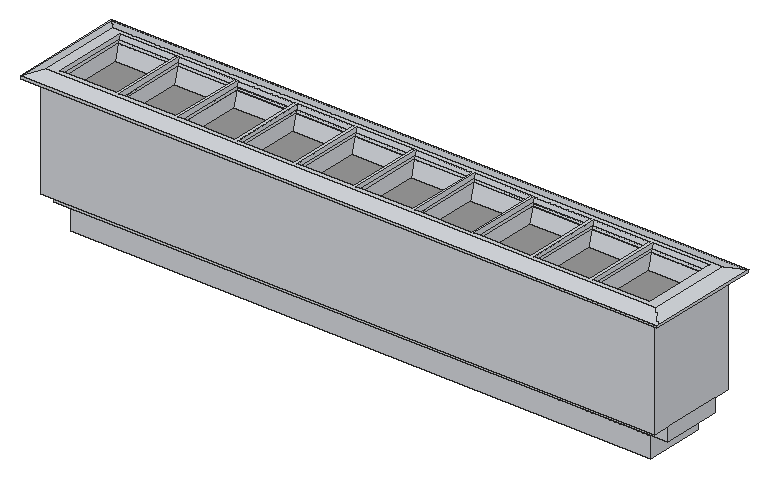
Revit family "2061473 Sylvania Lighting Fixture DOMINO 10xLED 940 BLACK MB TRIM WHITE DALI", category Lighting Fixtures, host Face, Revit 2018
Family settings
  Host = Face
  Round Connector Dimension = Use Diameter
  Part Type = Normal
  OmniClass Number = 23.80.70.00
  OmniClass Title = Lighting
  Cut with Voids When Loaded = No
  Light Source = Yes
  Shared = No
  Room Calculation Point = No
Parameters (values of type "2061473 DOMINO 10XLED 940 BLACK MB TR WHT DALI")
  top top width = 15.812 mm
  top top length = 255 mm
  Width = 50 mm
  Weight = "n/a"
  Wattage Comments = ""
  Wattage = 9.2903 W
  WarrantyStartDate [instance] = "n/a"
  WarrantyGuarantorParts = "n/a"
  WarrantyDurationUnit = "n/a"
  WarrantyDurationParts = ""
  WarrantyDescription = "http://www.sylvania-lighting.com"
  built-in parameter 1150110 = 1 (stored number, unit not read)
  Voltage = 0 V
  URL = "0.96"
  TypeName = "DOMINO 10xLED 940 BLACK MB TRIM WHITE DALI"
  Type Image = <None>
  Type Comments = "n/a"
  built-in parameter 1114217 = 1 (stored number, unit not read)
  Top Width = 26 mm
  Tilt Angle = 90.00°
  built-in parameter 1150109 = 1 (stored number, unit not read)
  built-in parameter 1150134 = 3
  built-in parameter 1150113 = 1 (stored number, unit not read)
  SerialNumber [instance] = "n/a"
  Recessed Width = 43 mm
  Recessed Length = 276 mm
  Photometric Web File = "2061473.ies"
  Material_3_FEILO = none
  PowerFactor = 0
  PowerConsumption = "Lighting"
  NominalLength = 50 mm
  NominalHeight = 0 mm
  NominalDepth = 0 mm
  Name = "DOMINO 10xLED 940 BLACK MB TRIM WHITE DALI"
  ModelReference = Name  # "DOMINO 10xLED 940 BLACK MB TRIM WHITE DALI"
  ModelNumber = "2061473"
  Model = Name  # "DOMINO 10xLED 940 BLACK MB TRIM WHITE DALI"
  Material = "Feilo Sylvania"
  ManufacturerName = "67 lm/W"
  Manufacturer = ""
  LuminousEfficacy = ""
  built-in parameter 1150105 = 109.82 (stored number, unit not read)
  Lumens = 1380 lm
  LuminaireType = "0"
  built-in parameter 1150115 = 1 (stored number, unit not read)
  LightOutputRatio = "LED"
  built-in parameter 1150137 = (empty or 0)
  built-in parameter 1150139 = (empty or 0)
  Lens inside recess = 25 mm
  Lens Width = 32 mm
  Lens Outside recess = 31.978 mm
  Lens = Glass, White, High Luminance
  Length = 280 mm
  LampsType = Lamp  # "n/a"
  LampNominalLuminous = "4000 K"
  LampMacAdamStep = "90"
  LampColourTemperature = "LED"
  LampColourRenderingIndex = "16500"
  built-in parameter 1150112 = 1 (stored number, unit not read)
  built-in parameter 1150114 = 1 (stored number, unit not read)
  Lamp = "n/a"
  Keynote = "n/a"
  InstallationDate [instance] = "n/a"
  InputVoltage = "0"
  InputNominalFrequency = "4000"
  built-in parameter 1150132 = (empty or 0)
  built-in parameter 1150102 = (empty or 0)
  built-in parameter 1150107 = 3200 (stored number, unit not read)
  built-in parameter 1150138 = (empty or 0)
  IngressProtection = "IfcLightFixtureType"
  ImpactProtectionIndex = "IfcLightFixtureType"
  built-in parameter 1150106 = 1.0982 (stored number, unit not read)
  IfcExportType = "IfcLightFixtureType"
  IfcExportAs = "Class II"
  Facia internal width = 37 mm
  Facia internal length = 268 mm
  Facia Height = 2 mm
  ExpectedLife = 50000
  Emit from Circle Diameter = 609.6 mm
  Emit Shape Visible in Rendering = no
  ElectricShockClassification = "67"
  built-in parameter 1150104 = 13.8 (stored number, unit not read)
  DurationUnit = "hours"
  DocumentationLiterature = "http://www.sylvania-lighting.com/product/en-int/products/2061473"
  DimmingControlOptions = "n/a"
  Material_2_FEILO = none
  Dimming Lamp Color Temperature Shift = <None>
  Description = "Modular LED recessed linear spotlight, ideal for retail and hospitality applications. Die-cast aluminium body, passive cooling. Two levels of reflector installation, low glaring UGR<16. 10x LED source, 30° beam angle , optics: PMMA lens and polycarbonate reflector combination, Black matt reflector finish. Light color temperature: 4000K neutral white, total system power: 23W , total fixture lumen output: 1525lm, efficacy: 67 lm/W, Ra90 typical, LED chromacity: 3 step MacAdam ellipse (SDCM3), lifespan: 96,000 hours at 90% of the original output (L90B10), IR/UV free light source without heat radiation, operating voltage: 220-240V / 50-60Hz, electronic driver, ultra low flicker, DALI , electrical protection: Class II. Degree of Protection: IP40/IP20, suitable for indoor environment only. Ceiling cut-out: 43x43mm, outer dimensions:  280x50mm trim frame RAL 9016 - Traffic white / Bezel color.5 years Warranty."
  Default Elevation = 1219.2 mm
  CreatedOn = "11/02/2021"
  CreatedBy = "@sylvania-lighting.com"
  Cost = 0
  Color Filter = 16777215
  built-in parameter 1114216 [instance] = (empty or 0)
  ClassificationValue = "EF_70_80"
  ClassificationName = "Uniclass2015"
  Material_1_FEILO = none
  Body Width = 40 mm
  Body Length = 270 mm
  BarCode [instance] = "n/a"
  built-in parameter 1114218 = 1 (stored number, unit not read)
  built-in parameter 1150133 = 10 (stored number, unit not read)
  AssetType = "Fixed"
  AssetIdentifier [instance] = "n/a"
  Assembly Code = "D5020200"
  Apparent Load = 23 VA
  Material_4_FEILO = none
Reference planes
  plane 1 "Center (Front/Back)": y = 0
  plane 2: z = 0
  plane 3 "Center (Left/Right)": x = 0
  plane 4: z = 0
  plane 5: z = -7
  plane 6: z = -45.895
  plane 7: z = -51.895
  plane 8: z = -60.895
  plane 9: x = -138
  plane 10: x = 138
  plane 11: y = 21.5
  plane 12: y = -21.5
  plane 13: x = -140
  plane 14: x = 140
  plane 15: y = 25
  plane 16: y = -25
  plane 17: x = 134
  plane 18: x = -134
  plane 19: y = 18.5
  plane 20: y = -18.5
  plane 21: z = 2
  plane 22: x = -135
  plane 23: x = 135
  plane 24: y = 20
  plane 25: y = -20
  plane 26: y = 13
  plane 27: y = -13
  plane 28: x = 127.5
  plane 29: x = -127.5
  plane 30: x = -132
  plane 31: y = 16.5
  plane 32: y = -16.472
  plane 33: y = 13
  plane 34: y = -12.972
  plane 35: x = 129.7
  plane 36: x = 127.224
Forms (mm)
  Extrusion 1, solid, not visible, detail levels medium+fine
    sketch origin (4.2, 0, 0) x (1, 0, 0) y (0, 1, 0)
      loop
        line (-29.2, 34.5) -> (-29.2, -34.5) -> (20.8, -34.5) -> (20.8, 34.5) -> (-29.2, 34.5)
    from 0 to 1
  Extrusion 2, solid, not visible, detail levels medium+fine
    sketch origin (4.044, 0, 0) x (1, 0, 0) y (0, 1, 0)
      loop
        line (-29.2, 34.5) -> (-29.2, -34.5) -> (20.8, -34.5) -> (20.8, 34.5) -> (-29.2, 34.5)
    from 0 to 1
  Blend 3, solid, not visible, detail levels medium+fine
    base sketch origin (4.2, 0, 0) x (1, 0, 0) y (0, 1, 0)
      loop
        line (-29.2, 34.5) -> (-29.2, -34.5) -> (20.8, -34.5) -> (20.8, 34.5) -> (-29.2, 34.5)
    top sketch origin (4.2, 0, 0) x (1, 0, 0) y (0, 1, 0)
      loop
        line (-21.7, 28) -> (-21.7, -28) -> (13.3, -28) -> (13.3, 28) -> (-21.7, 28)
    from 1 to 3
  Extrusion 4, solid, not visible, detail levels medium+fine
    sketch origin (3.419, 0, 0) x (1, 0, 0) y (0, 1, 0)
      loop
        line (-29.2, 34.5) -> (-29.2, -34.5) -> (20.8, -34.5) -> (20.8, 34.5) -> (-29.2, 34.5)
    from 0 to 1
  Blend 5, solid, not visible, detail levels medium+fine
    base sketch origin (3.575, 0, 0) x (1, 0, 0) y (0, 1, 0)
      loop
        line (-29.2, 34.5) -> (-29.2, -34.5) -> (20.8, -34.5) -> (20.8, 34.5) -> (-29.2, 34.5)
    top sketch origin (3.575, 0, 0) x (1, 0, 0) y (0, 1, 0)
      loop
        line (-21.7, 28) -> (-21.7, -28) -> (13.3, -28) -> (13.3, 28) -> (-21.7, 28)
    from 1 to 3
  Extrusion 6, solid, not visible, detail levels medium+fine
    sketch origin (4.247, 0, 0) x (1, 0, 0) y (0, 1, 0)
      loop
        line (-29.2, 34.5) -> (-29.2, -34.5) -> (20.8, -34.5) -> (20.8, 34.5) -> (-29.2, 34.5)
    from 0 to 1
  Blend 7, solid, not visible, detail levels medium+fine
    base sketch origin (4.403, 0, 0) x (1, 0, 0) y (0, 1, 0)
      loop
        line (-29.2, 34.5) -> (-29.2, -34.5) -> (20.8, -34.5) -> (20.8, 34.5) -> (-29.2, 34.5)
    top sketch origin (4.403, 0, 0) x (1, 0, 0) y (0, 1, 0)
      loop
        line (-21.7, 28) -> (-21.7, -28) -> (13.3, -28) -> (13.3, 28) -> (-21.7, 28)
    from 1 to 3
  Extrusion 8, void, detail levels medium+fine
    sketch origin (4.2, 0, 0) x (0, 1, 0) y (1, 0, 0)
      loop
        line (21.5, -142.2) -> (21.5, 133.8) -> (-21.5, 133.8) -> (-21.5, -142.2) -> (21.5, -142.2)
    from -9.934 to 83.097
  Extrusion 9, solid, detail levels medium+fine
    sketch origin (4.2, 0, 0) x (1, 0, 0) y (0, 1, 0)
      loop
        line (-144.2, 25) -> (-144.2, -25) -> (135.8, -25) -> (135.8, 25) -> (-144.2, 25)
    from 0 to 1
  Extrusion 10, solid, detail levels medium+fine
    sketch origin (4.2, 0, 0) x (1, 0, 0) y (0, 1, 0)
      loop
        line (-139.2, 20) -> (-139.2, -20) -> (130.8, -20) -> (130.8, 20) -> (-139.2, 20)
    from 0 to -45.895
  Extrusion 11, solid, detail levels medium+fine
    sketch origin (4.2, 0, 0) x (1, 0, 0) y (0, 1, 0)
      loop
        line (-139.2, 13) -> (-139.2, -13) -> (130.8, -13) -> (130.8, 13) -> (-139.2, 13)
    from -51.895 to -45.895
  Extrusion 12, solid, material "Glass, White, High Luminance" <- "Lens", detail levels fine
    sketch origin (-53.155, 1221.106, 36.156) x (1, 0, 0) y (0, 1, 0)
      loop
        line (-76.18, -1206.856) -> (-76.18, -1232.856) -> (-52.18, -1232.856) -> (-52.18, -1206.856) -> (-76.18, -1206.856)
    from -43.156 to -42.182
  Blend 13, solid, detail levels medium+fine
    base sketch origin (4.2, 0, 0) x (1, 0, 0) y (0, 1, 0)
      loop
        line (-144.2, 25) -> (-144.2, -25) -> (135.8, -25) -> (135.8, 25) -> (-144.2, 25)
    top sketch origin (4.2, 0, 0) x (1, 0, 0) y (0, 1, 0)
      loop
        line (-138.2, 18.5) -> (-138.2, -18.5) -> (129.8, -18.5) -> (129.8, 18.5) -> (-138.2, 18.5)
    from 1 to 3
  Extrusion 14, solid, detail levels fine
    sketch origin (0, 0, 0) x (1, 0, 0) y (0, 0, 1)
      loop
        line (-127.5, -51.895) -> (-127.5, -60.895) -> (127.5, -60.895) -> (127.5, -51.895) -> (-127.5, -51.895)
    from -13 to 13
  Blend 15, void
    base sketch origin (-59.8, 0, 0) x (0, 1, 0) y (-1, 0, 0)
      loop
        line (16.5, 69.7) -> (-16.472, 69.7) -> (-16.472, 44.7) -> (16.5, 44.7) -> (16.5, 69.7)
    top sketch origin (-59.8, 0, 0) x (0, 1, 0) y (-1, 0, 0)
      loop
        line (13, 69.2) -> (-12.972, 69.2) -> (-12.972, 45.2) -> (13, 45.2) -> (13, 69.2)
    from 3 to -7
  Blend 16, void
    base sketch origin (18.282, 0, 0) x (0, 1, 0) y (-1, 0, 0)
      loop
        line (16.5, 69.7) -> (-16.472, 69.7) -> (-16.472, 44.7) -> (16.5, 44.7) -> (16.5, 69.7)
    top sketch origin (18.282, 0, 0) x (0, 1, 0) y (-1, 0, 0)
      loop
        line (13, 69.2) -> (-12.972, 69.2) -> (-12.972, 45.2) -> (13, 45.2) -> (13, 69.2)
    from 3 to -7
  Blend 17, void
    base sketch origin (44.284, -0.017, 0) x (0, 1, 0) y (-1, 0, 0)
      loop
        line (16.5, 69.7) -> (-16.472, 69.7) -> (-16.472, 44.7) -> (16.5, 44.7) -> (16.5, 69.7)
    top sketch origin (44.284, -0.017, 0) x (0, 1, 0) y (-1, 0, 0)
      loop
        line (13, 69.2) -> (-12.972, 69.2) -> (-12.972, 45.2) -> (13, 45.2) -> (13, 69.2)
    from 3 to -7
  Blend 18, void
    base sketch origin (70.327, 0, 0) x (0, 1, 0) y (-1, 0, 0)
      loop
        line (16.5, 69.7) -> (-16.472, 69.7) -> (-16.472, 44.7) -> (16.5, 44.7) -> (16.5, 69.7)
    top sketch origin (70.327, 0, 0) x (0, 1, 0) y (-1, 0, 0)
      loop
        line (13, 69.2) -> (-12.972, 69.2) -> (-12.972, 45.2) -> (13, 45.2) -> (13, 69.2)
    from 3 to -7
  Blend 19, void
    base sketch origin (96.351, 0, 0) x (0, 1, 0) y (-1, 0, 0)
      loop
        line (16.5, 69.7) -> (-16.472, 69.7) -> (-16.472, 44.7) -> (16.5, 44.7) -> (16.5, 69.7)
    top sketch origin (96.351, 0, 0) x (0, 1, 0) y (-1, 0, 0)
      loop
        line (13, 69.2) -> (-12.972, 69.2) -> (-12.972, 45.2) -> (13, 45.2) -> (13, 69.2)
    from 3 to -7
  Extrusion 20, solid, material "Glass, White, High Luminance" <- "Lens", detail levels fine
    sketch origin (-29.269, 1219.946, 36.156) x (1, 0, 0) y (0, 1, 0)
      loop
        line (-73.723, -1206.946) -> (-73.723, -1232.946) -> (-49.723, -1232.946) -> (-49.723, -1206.946) -> (-73.723, -1206.946)
    from -43.156 to -42.182
  Extrusion 21, solid, material "Glass, White, High Luminance" <- "Lens", detail levels fine
    sketch origin (-0.613, 1219.733, 36.156) x (1, 0, 0) y (0, 1, 0)
      loop
        line (-76.347, -1206.7) -> (-76.347, -1232.733) -> (-52.347, -1232.733) -> (-52.347, -1206.7) -> (-76.347, -1206.7)
    from -43.156 to -42.182
  Extrusion 22, solid, material "Glass, White, High Luminance" <- "Lens", detail levels fine
    sketch origin (24.387, 1218.509, 36.156) x (1, 0, 0) y (0, 1, 0)
      loop
        line (-75.305, -1205.509) -> (-75.305, -1231.509) -> (-51.305, -1231.509) -> (-51.305, -1205.509) -> (-75.305, -1205.509)
    from -43.156 to -42.182
  Extrusion 23, solid, material "Glass, White, High Luminance" <- "Lens", detail levels fine
    sketch origin (51.187, 1219.547, 36.156) x (1, 0, 0) y (0, 1, 0)
      loop
        line (-76.102, -1206.547) -> (-76.102, -1232.547) -> (-52.102, -1232.547) -> (-52.102, -1206.547) -> (-76.102, -1206.547)
    from -43.156 to -42.182
  Blend 24, void
    base sketch origin (-33.792, 0, 0) x (0, 1, 0) y (-1, 0, 0)
      loop
        line (16.5, 69.7) -> (-16.472, 69.7) -> (-16.472, 44.7) -> (16.5, 44.7) -> (16.5, 69.7)
    top sketch origin (-33.792, 0, 0) x (0, 1, 0) y (-1, 0, 0)
      loop
        line (13, 69.2) -> (-12.972, 69.2) -> (-12.972, 45.2) -> (13, 45.2) -> (13, 69.2)
    from 3 to -7
  Blend 25, void
    base sketch origin (-7.76, 0, 0) x (0, 1, 0) y (-1, 0, 0)
      loop
        line (16.5, 69.7) -> (-16.472, 69.7) -> (-16.472, 44.7) -> (16.5, 44.7) -> (16.5, 69.7)
    top sketch origin (-7.76, 0, 0) x (0, 1, 0) y (-1, 0, 0)
      loop
        line (13, 69.2) -> (-12.972, 69.2) -> (-12.972, 45.2) -> (13, 45.2) -> (13, 69.2)
    from 3 to -7
  Blend 26, void
    base sketch origin (122.411, 0, 0) x (0, 1, 0) y (-1, 0, 0)
      loop
        line (16.5, 69.7) -> (-16.472, 69.7) -> (-16.472, 44.7) -> (16.5, 44.7) -> (16.5, 69.7)
    top sketch origin (122.411, 0, 0) x (0, 1, 0) y (-1, 0, 0)
      loop
        line (13, 69.2) -> (-12.972, 69.2) -> (-12.972, 45.2) -> (13, 45.2) -> (13, 69.2)
    from 3 to -7
  Extrusion 27, solid, material "Glass, White, High Luminance" <- "Lens", detail levels fine
    sketch origin (77.265, 1219.547, 36.156) x (1, 0, 0) y (0, 1, 0)
      loop
        line (-76.102, -1206.547) -> (-76.102, -1232.547) -> (-52.102, -1232.547) -> (-52.102, -1206.547) -> (-76.102, -1206.547)
    from -43.156 to -42.182
  Extrusion 28, solid, material "Glass, White, High Luminance" <- "Lens", detail levels fine
    sketch origin (100.753, 1219.547, 36.156) x (1, 0, 0) y (0, 1, 0)
      loop
        line (-76.102, -1206.547) -> (-76.102, -1232.547) -> (-52.102, -1232.547) -> (-52.102, -1206.547) -> (-76.102, -1206.547)
    from -43.156 to -42.182
  Extrusion 29, solid, material "Glass, White, High Luminance" <- "Lens", detail levels fine
    sketch origin (129.314, 1219.547, 36.156) x (1, 0, 0) y (0, 1, 0)
      loop
        line (-76.102, -1206.547) -> (-76.102, -1232.547) -> (-52.102, -1232.547) -> (-52.102, -1206.547) -> (-76.102, -1206.547)
    from -43.156 to -42.182
  Blend 30, void
    base sketch origin (148.416, 0, 0) x (0, 1, 0) y (-1, 0, 0)
      loop
        line (16.5, 69.7) -> (-16.472, 69.7) -> (-16.472, 44.7) -> (16.5, 44.7) -> (16.5, 69.7)
    top sketch origin (148.416, 0, 0) x (0, 1, 0) y (-1, 0, 0)
      loop
        line (13, 69.2) -> (-12.972, 69.2) -> (-12.972, 45.2) -> (13, 45.2) -> (13, 69.2)
    from 3 to -7
  Extrusion 31, solid, material "Glass, White, High Luminance" <- "Lens", detail levels fine
    sketch origin (155.278, 1219.547, 36.156) x (1, 0, 0) y (0, 1, 0)
      loop
        line (-76.102, -1206.547) -> (-76.102, -1232.547) -> (-52.102, -1232.547) -> (-52.102, -1206.547) -> (-76.102, -1206.547)
    from -43.156 to -42.182
  Blend 32, void
    base sketch origin (174.42, 0, 0) x (0, 1, 0) y (-1, 0, 0)
      loop
        line (16.5, 69.7) -> (-16.472, 69.7) -> (-16.472, 44.7) -> (16.5, 44.7) -> (16.5, 69.7)
    top sketch origin (174.42, 0, 0) x (0, 1, 0) y (-1, 0, 0)
      loop
        line (13, 69.2) -> (-12.972, 69.2) -> (-12.972, 45.2) -> (13, 45.2) -> (13, 69.2)
    from 3 to -7
  Extrusion 33, solid, material "Glass, White, High Luminance" <- "Lens", detail levels fine
    sketch origin (181.434, 1219.547, 36.156) x (1, 0, 0) y (0, 1, 0)
      loop
        line (-76.214, -1206.547) -> (-76.214, -1232.547) -> (-52.214, -1232.547) -> (-52.214, -1206.547) -> (-76.214, -1206.547)
    from -43.156 to -42.182
  Extrusion 34, solid, detail levels coarse
    sketch origin (4.2, 0, 0) x (1, 0, 0) y (0, 1, 0)
      loop
        line (-144.2, 25) -> (-144.2, -25) -> (135.8, -25) -> (135.8, 25) -> (-144.2, 25)
    from -60.895 to 3
Cuts and joins
  Blend 15, Blend 16, Blend 17, Blend 18, Blend 19, Blend 24, Blend 25, Blend 26, Blend 30, Blend 32 cuts Extrusion 9
  Blend 15, Blend 16, Blend 17, Blend 18, Blend 19, Blend 24, Blend 25, Blend 26, Blend 30, Blend 32 cuts Extrusion 10
  Blend 15, Blend 16, Blend 17, Blend 18, Blend 19, Blend 24, Blend 25, Blend 26, Blend 30, Blend 32 cuts Blend 13
  Blend 32 cuts Extrusion 31
Dimensions and locks
  "Recessed Length": plane 9 to plane 10
  equal spacing: plane 9, plane 3 "Center (Left/Right)", plane 10
  "Length": plane 13 to plane 14
  equal spacing: plane 13, plane 3 "Center (Left/Right)", plane 14
  "Recessed Width": plane 11 to plane 12
  equal spacing: plane 11, plane 1 "Center (Front/Back)", plane 12
  "Width": plane 15 to plane 16
  equal spacing: plane 15, plane 1 "Center (Front/Back)", plane 16
  "Facia internal length": plane 18 to plane 17
  equal spacing: plane 18, plane 3 "Center (Left/Right)", plane 17
  "Facia internal width": plane 19 to plane 20
  equal spacing: plane 19, plane 1 "Center (Front/Back)", plane 20
  "Facia Height": plane 21 to host face
  "Body Length": plane 22 to plane 23
  equal spacing: plane 22, plane 3 "Center (Left/Right)", plane 23
  "Body Width": plane 24 to plane 25
  equal spacing: plane 24, plane 1 "Center (Front/Back)", plane 25
  "Top Width": plane 26 to plane 27
  equal spacing: plane 26, plane 1 "Center (Front/Back)", plane 27
  "top top length": plane 29 to plane 28
  equal spacing: plane 29, plane 3 "Center (Left/Right)", plane 28  (x2)
  plane 28 to plane 29 = 255 mm
  equal spacing: plane 28, plane 3 "Center (Left/Right)", plane 29
  aligned and locked: plane 2 to host face
  aligned and locked: level to host face
  aligned and locked: Extrusion 11 to plane 7
  aligned and locked: Extrusion 10 to plane 6
  aligned and locked: Extrusion 12 to plane 5
Automatic sketch dimensions
  Extrusion 1 sketch curve to Extrusion 1 sketch curve = 50 mm
  Extrusion 1 sketch curve to Extrusion 1 sketch curve = 69 mm
  Extrusion 2 sketch curve to Extrusion 2 sketch curve = 50 mm
  Extrusion 2 sketch curve to Extrusion 2 sketch curve = 69 mm
  Blend 3 sketch curve to Blend 3 sketch curve = 50 mm
  Blend 3 sketch curve to Blend 3 sketch curve = 69 mm
  Blend 3 sketch curve to Blend 3 sketch curve = 35 mm
  Blend 3 sketch curve to Blend 3 sketch curve = 56 mm
  Extrusion 4 sketch curve to Extrusion 4 sketch curve = 50 mm
  Extrusion 4 sketch curve to Extrusion 4 sketch curve = 69 mm
  Blend 5 sketch curve to Blend 5 sketch curve = 50 mm
  Blend 5 sketch curve to Blend 5 sketch curve = 69 mm
  Blend 5 sketch curve to Blend 5 sketch curve = 35 mm
  Blend 5 sketch curve to Blend 5 sketch curve = 56 mm
  Extrusion 6 sketch curve to Extrusion 6 sketch curve = 50 mm
  Extrusion 6 sketch curve to Extrusion 6 sketch curve = 69 mm
  Blend 7 sketch curve to Blend 7 sketch curve = 50 mm
  Blend 7 sketch curve to Blend 7 sketch curve = 69 mm
  Blend 7 sketch curve to Blend 7 sketch curve = 35 mm
  Blend 7 sketch curve to Blend 7 sketch curve = 56 mm
  host sketch curve to host sketch curve = 2438.4 mm  (x2)
  Extrusion 8 sketch curve to plane 9 = 0 mm
  Extrusion 8 sketch curve to plane 12 = 0 mm
  Extrusion 8 sketch curve to plane 11 = 0 mm
  Extrusion 8 sketch curve to plane 10 = 0 mm
  Extrusion 9 sketch curve to plane 13 = 0 mm
  Extrusion 9 sketch curve to plane 14 = 0 mm
  Extrusion 9 sketch curve to plane 16 = 0 mm
  Extrusion 9 sketch curve to plane 15 = 0 mm
  Extrusion 10 sketch curve to plane 22 = 0 mm
  Extrusion 10 sketch curve to plane 23 = 0 mm
  Extrusion 10 sketch curve to plane 25 = 0 mm
  Extrusion 10 sketch curve to plane 24 = 0 mm
  Extrusion 11 sketch curve to plane 22 = 0 mm
  Extrusion 11 sketch curve to plane 23 = 0 mm
  Extrusion 11 sketch curve to plane 27 = 0 mm
  plane 26 to Extrusion 11 sketch curve = 0 mm
  plane 27 to Extrusion 12 sketch curve = 1.25 mm
  plane 26 to Extrusion 12 sketch curve = 1.25 mm
  plane 30 to Extrusion 12 sketch curve = 2.665 mm
  Blend 13 sketch curve to plane 13 = 0 mm
  Blend 13 sketch curve to plane 14 = 0 mm
  Blend 13 sketch curve to plane 16 = 0 mm
  Blend 13 sketch curve to plane 15 = 0 mm
  Blend 13 sketch curve to plane 18 = 0 mm
  Blend 13 sketch curve to plane 17 = 0 mm
  Blend 13 sketch curve to plane 20 = 0 mm
  Blend 13 sketch curve to plane 19 = 0 mm
  Extrusion 14 sketch curve to plane 8 = 0 mm
  Extrusion 14 sketch curve to plane 29 = 0 mm
  Extrusion 14 sketch curve to plane 28 = 0 mm
  Extrusion 14 sketch curve to plane 7 = 0 mm
  plane 30 to Blend 15 sketch curve = 2.5 mm
  Blend 15 sketch curve to plane 32 = 0 mm
  Blend 15 sketch curve to plane 31 = 0 mm
  Blend 15 sketch curve to plane 34 = 0 mm
  Blend 15 sketch curve to plane 26 = 0 mm
  plane 30 to Blend 15 sketch curve = 3 mm
  Blend 16 sketch curve to plane 32 = 0 mm
  Blend 16 sketch curve to plane 31 = 0 mm
  Blend 16 sketch curve to plane 34 = 0 mm
  Blend 16 sketch curve to plane 26 = 0 mm
  Blend 17 sketch curve to plane 32 = 0.017 mm
  Blend 17 sketch curve to plane 31 = 0.017 mm
  plane 27 to Blend 17 sketch curve = 0.011 mm
  Blend 17 sketch curve to plane 26 = 0.017 mm
  plane 32 to Blend 18 sketch curve = 0 mm
  plane 31 to Blend 18 sketch curve = 0 mm
  plane 34 to Blend 18 sketch curve = 0 mm
  plane 26 to Blend 18 sketch curve = 0 mm
  Blend 19 sketch curve to plane 32 = 0 mm
  Blend 19 sketch curve to plane 31 = 0 mm
  Blend 19 sketch curve to plane 34 = 0 mm
  Blend 19 sketch curve to plane 26 = 0 mm
  Extrusion 20 sketch curve to plane 27 = 0 mm
  Extrusion 20 sketch curve to plane 26 = 0 mm
  Extrusion 21 sketch curve to plane 27 = 0 mm
  plane 26 to Extrusion 21 sketch curve = 0.033 mm
  Extrusion 22 sketch curve to plane 27 = 0 mm
  Extrusion 22 sketch curve to plane 26 = 0 mm
  Extrusion 23 sketch curve to plane 27 = 0 mm
  Extrusion 23 sketch curve to plane 26 = 0 mm
  Blend 24 sketch curve to plane 32 = 0 mm
  Blend 24 sketch curve to plane 31 = 0 mm
  Blend 24 sketch curve to plane 34 = 0 mm
  Blend 24 sketch curve to plane 26 = 0 mm
  Blend 25 sketch curve to plane 32 = 0 mm
  Blend 25 sketch curve to plane 31 = 0 mm
  Blend 25 sketch curve to plane 34 = 0 mm
  Blend 25 sketch curve to plane 26 = 0 mm
  Blend 26 sketch curve to plane 32 = 0 mm
  Blend 26 sketch curve to plane 31 = 0 mm
  Blend 26 sketch curve to plane 34 = 0 mm
  Blend 26 sketch curve to plane 26 = 0 mm
  Extrusion 27 sketch curve to plane 27 = 0 mm
  Extrusion 27 sketch curve to plane 26 = 0 mm
  Extrusion 28 sketch curve to plane 27 = 0 mm
  Extrusion 28 sketch curve to plane 26 = 0 mm
  Extrusion 29 sketch curve to plane 27 = 0 mm
  Extrusion 29 sketch curve to plane 26 = 0 mm
  Blend 30 sketch curve to plane 32 = 0 mm
  Blend 30 sketch curve to plane 31 = 0 mm
  Blend 30 sketch curve to plane 34 = 0 mm
  Blend 30 sketch curve to plane 26 = 0 mm
  Extrusion 31 sketch curve to plane 27 = 0 mm
  Extrusion 31 sketch curve to plane 26 = 0 mm
  Blend 32 sketch curve to plane 32 = 0 mm
  Blend 32 sketch curve to plane 31 = 0 mm
  plane 28 to Blend 32 sketch curve = 2.22 mm
  Blend 32 sketch curve to plane 34 = 0 mm
  Blend 32 sketch curve to plane 26 = 0 mm
  plane 28 to Blend 32 sketch curve = 1.72 mm
  plane 27 to Extrusion 33 sketch curve = 0 mm
  plane 26 to Extrusion 33 sketch curve = 0 mm
  plane 28 to Extrusion 33 sketch curve = 1.72 mm
  Extrusion 21 sketch curve to Extrusion 21 sketch curve = 24 mm
  Blend 25 sketch curve to Blend 25 sketch curve = 24 mm
  plane 29 to Extrusion 12 sketch curve = 22.165 mm
  plane 29 to Blend 15 sketch curve = 23 mm
  plane 29 to Blend 15 sketch curve = 22.5 mm
  plane 29 to Extrusion 20 sketch curve = 24.508 mm
  Extrusion 20 sketch curve to Extrusion 20 sketch curve = 24 mm
  plane 29 to Blend 24 sketch curve = 49.008 mm
  plane 29 to Blend 24 sketch curve = 24.008 mm
  plane 29 to Blend 24 sketch curve = 48.508 mm
  Blend 24 sketch curve to Blend 24 sketch curve = 24 mm
  Blend 25 sketch curve to Blend 25 sketch curve = 25 mm
  Blend 16 sketch curve to Blend 16 sketch curve = 25 mm
  Blend 16 sketch curve to Blend 16 sketch curve = 24 mm
  plane 29 to Extrusion 21 sketch curve = 50.54 mm
  Extrusion 22 sketch curve to Extrusion 22 sketch curve = 24 mm
  Blend 16 sketch curve to plane 3 "Center (Left/Right)" = 26.418 mm
  Blend 16 sketch curve to plane 3 "Center (Left/Right)" = 26.918 mm
  Blend 17 sketch curve to plane 3 "Center (Left/Right)" = 0.416 mm
  Blend 17 sketch curve to Blend 17 sketch curve = 25 mm
  Blend 17 sketch curve to plane 3 "Center (Left/Right)" = 0.916 mm
  Blend 17 sketch curve to Blend 17 sketch curve = 24 mm
  plane 3 "Center (Left/Right)" to Blend 18 sketch curve = 0.627 mm
  plane 3 "Center (Left/Right)" to Blend 18 sketch curve = 1.127 mm
  Extrusion 22 sketch curve to plane 3 "Center (Left/Right)" = 50.918 mm
  Extrusion 23 sketch curve to plane 3 "Center (Left/Right)" = 24.916 mm
  Extrusion 23 sketch curve to plane 3 "Center (Left/Right)" = 0.916 mm
  Blend 25 sketch curve to plane 3 "Center (Left/Right)" = 52.46 mm
  Blend 25 sketch curve to plane 3 "Center (Left/Right)" = 52.96 mm
  plane 3 "Center (Left/Right)" to Extrusion 27 sketch curve = 1.162 mm
  Blend 18 sketch curve to Blend 18 sketch curve = 25 mm
  Blend 18 sketch curve to Blend 18 sketch curve = 24 mm
  plane 3 "Center (Left/Right)" to Blend 19 sketch curve = 51.651 mm
  Blend 19 sketch curve to Blend 19 sketch curve = 25 mm
  plane 3 "Center (Left/Right)" to Blend 19 sketch curve = 51.151 mm
  Blend 19 sketch curve to Blend 19 sketch curve = 24 mm
  Blend 26 sketch curve to plane 36 = 49.513 mm
  Blend 26 sketch curve to Blend 26 sketch curve = 25 mm
  Blend 26 sketch curve to plane 36 = 50.013 mm
  Blend 26 sketch curve to Blend 26 sketch curve = 24 mm
  Extrusion 27 sketch curve to Extrusion 27 sketch curve = 24 mm
  plane 3 "Center (Left/Right)" to Extrusion 28 sketch curve = 24.651 mm
  Extrusion 28 sketch curve to Extrusion 28 sketch curve = 24 mm
  plane 3 "Center (Left/Right)" to Extrusion 29 sketch curve = 53.211 mm
  Extrusion 29 sketch curve to Extrusion 29 sketch curve = 24 mm
  Blend 30 sketch curve to plane 36 = 23.508 mm
  Blend 30 sketch curve to Blend 30 sketch curve = 25 mm
  Blend 30 sketch curve to plane 36 = 24.008 mm
  Blend 30 sketch curve to Blend 30 sketch curve = 24 mm
  Extrusion 31 sketch curve to plane 36 = 48.048 mm
  Extrusion 31 sketch curve to Extrusion 31 sketch curve = 24 mm
  Blend 32 sketch curve to plane 36 = 22.504 mm
  Blend 32 sketch curve to plane 36 = 22.004 mm
  Extrusion 33 sketch curve to plane 36 = 22.004 mm
  Extrusion 34 sketch curve to plane 13 = 0 mm
  Extrusion 34 sketch curve to plane 14 = 0 mm
  Extrusion 34 sketch curve to plane 16 = 0 mm
  Extrusion 34 sketch curve to plane 15 = 0 mm
Connectors
  electrical at (0, 0, -60.895)
    settings: on Extrusion 14, index 1, voltage 0 V, apparent load 0 VA, apparent load phase1 0 VA, apparent load phase2 0 VA, apparent load phase3 0 VA, power factor 1, load classification "Other", number of poles 1, system type 31, power factor state 1, is connector primary yes, connector utility no, sub classification motor no, connector description ""
